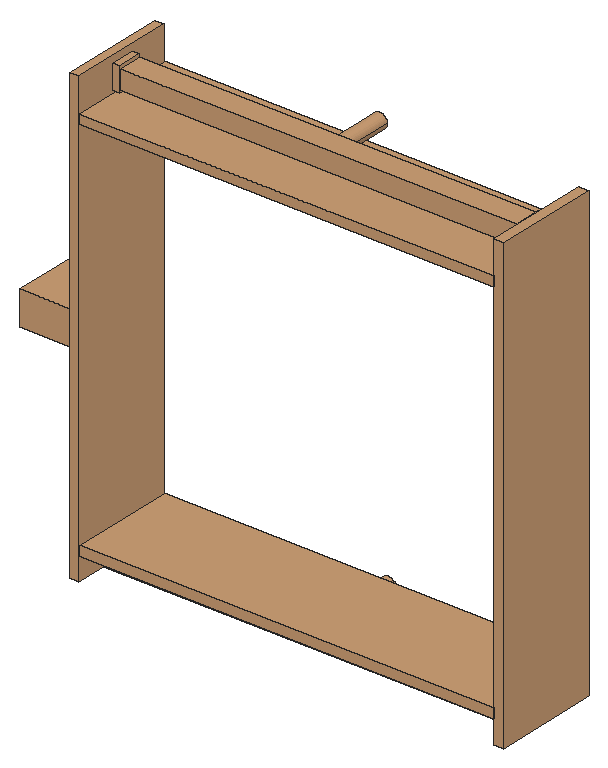
Revit family
Parameters
  Center Of Unit = 0' - 0"  # constant formula
  Water Pressure Drop [instance] = 0.00 psi
  Water Flow [instance] = 0 GPM
  Unit Weight (lbs) = 995
  URL = "http://www.ljwing.com/"
  Water Outlet Radius = 0' - 1 1/2"
  Water Outlet Odd sizes = 0' - 0"
  Total Heating Capacity [instance] = 0.0 Btu/h
  Temperature Rise [instance] = 0 °F
  Series = "VIFB"
  Outlet Area = 46.50 SF
  Number of Rows = 1  # constant formula
  Number of Coils [instance] = 0
  Nominal Length = 7' - 5 3/4"
  Model = "VE-8"
  Manufacturer = "LJ Wing"
  Leaving Water Temperature [instance] = 0 °F
  Leaving Air Temperature [instance] = 0 °F
  Face Velocity (FPM) [instance] = 0
  Entering Water Temperature [instance] = 0 °F
  Entering Air Temperature [instance] = 0 °F
  Description = "Vertical Integral Face & Bypass Water Heating Coils"
  Hot Water Odd Sizes = 0' - 0"
  Hot Water Inlet Offset = 0' - 4 3/8"  # constant formula
  Hot Water Inlet  Radius = 0' - 1 1/2"
  Coil Face Area = Outlet Area * 0.56  # 26.04 SF
  Casing Material = ""
  Assembly Code = "D3020300"
  Air Pressure Drop [instance] = 0.00 in-wg
  Air Inlet Width = Nominal Length - 0' 4"  # 7' - 1 3/4"
  Air Inlet Height = Y  # 6' - 6"
  Air Flow [instance] = 0 CFM
  Z = 0' - 2 1/8"
  Y = 6' - 6"
  S = 0' - 6 13/16"
  Product URL = "http://www.ljwing.com/html/vifb.asp"
  OmniClass = "23-75 70 21 14"
  Nominal Height = 7' - 9 11/16"
  Nominal Depth = 1' - 10"
  R = 0' - 8 7/8"
  Q = 0' - 2 7/8"
  P = 0' - 3 3/4"
  L = 0' - 3"
Reference planes (in)
  plane 1 "Center (Front/Back)": y = 0
  plane 2: z = -39
  plane 3 "Center (Left/Right)": x = 0
  plane 4: z = 47.875
  plane 5: x = -44.875
  plane 6: x = 44.875
  plane 7: z = -45.8125
  plane 8: z = 0
  plane 9: y = -11
  plane 10: y = 11
  plane 11: z = 39
  plane 12: z = 41
  plane 13: z = -41
  plane 14: x = 42.875
  plane 15: x = -42.875
  plane 16: z = 44.125
  plane 17: z = -42.8125
  plane 18: x = -42
  plane 19: x = 42
  plane 20: y = 13.125
  plane 21: y = 15.375
  plane 22: x = -55.875
  plane 23: x = 0
  plane 24: x = 0
  plane 25: z = 46.125
  plane 26: z = 42.125
  plane 27: y = -2.5
  plane 28: y = 2.5
  plane 29: y = -4.5
Forms (in)
  Extrusion 1, solid, material "Painted Finish"
    sketch origin (0, 6, -9.75) x (1, 0, 0) y (0, 0, 1)
      loop
        line (-44.875, -36.0625) -> (-42.875, -36.0625) -> (-42.875, 57.625) -> (-44.875, 57.625) -> (-44.875, -36.0625)
      loop
        line (44.875, -36.0625) -> (44.875, 57.625) -> (42.875, 57.625) -> (42.875, -36.0625) -> (44.875, -36.0625)
    from -5 to 17
  Extrusion 2, solid, material "Painted Finish"
    sketch origin (0, 6, 0) x (1, 0, 0) y (0, 0, 1)
      loop
        line (42.875, -39) -> (-42.875, -39) -> (-42.875, -41) -> (42.875, -41) -> (42.875, -39)
      loop
        line (42.875, 39) -> (42.875, 41) -> (-42.875, 41) -> (-42.875, 39) -> (42.875, 39)
    from -5 to 17
  Extrusion 3, solid, material "Painted Finish"
    sketch origin (0, 10, -0.5) x (1, 0, 0) y (0, 0, 1)
      loop
        line (-44.875, 4) -> (-55.875, 4) -> (-55.875, -3) -> (-44.875, -3) -> (-44.875, 4)
    from 0 to 20
  Extrusion 4, solid, material "Painted Finish"
    sketch origin (0, 6, 0) x (1, 0, 0) y (0, 0, 1)
      loop
        line (-41.25, 46.125) -> (-41.25, 42.125) -> (41.25, 42.125) -> (41.25, 46.125) -> (-41.25, 46.125)
    from 3.5 to 8.5
  Extrusion 5, solid, material "Painted Finish"
    sketch origin (0, 0, 0) x (1, 0, 0) y (0, 0, 1)
      loop
        line (-41.25, 41.625) -> (-41.25, 46.625) -> (-42.875, 46.625) -> (-42.875, 41.625) -> (-41.25, 41.625)
      loop
        line (42.875, 41.625) -> (42.875, 46.625) -> (41.25, 46.625) -> (41.25, 41.625) -> (42.875, 41.625)
    from -2.5 to 2.5
  Extrusion 6, solid, material "Painted Finish"
    sketch origin (0, 23, 0) x (1, 0, 0) y (0, 0, 1)
      loop
        circle (0, 44.125) r 1.5
    from 9.875 to 20.5
  Extrusion 7, solid, material "Painted Finish"
    sketch origin (0, 6, 0) x (1, 0, 0) y (0, 0, 1)
      loop
        line (-42.875, -41) -> (-42.875, -45.8125) -> (42.875, -45.8125) -> (42.875, -41) -> (-42.875, -41)
    from -5 to 10.5
  Extrusion 8, solid, material "Painted Finish"
    sketch origin (0, 23, 0) x (1, 0, 0) y (0, 0, 1)
      loop
        circle (0, -42.8125) r 1.5
    from 7.625 to 12
  Extrusion 9, void
    sketch origin (0, 0, 0) x (1, 0, 0) y (0, 0, 1)
      loop
        line (-42.875, 39) -> (-42.875, -39) -> (42.875, -39) -> (42.875, 39) -> (-42.875, 39)
    from -11 to 11
Cuts and joins
  Extrusion 9 cuts Extrusion 1
  Extrusion 9 cuts Extrusion 2
Dimensions and locks (in)
  "Nominal Length": plane 6 to plane 5
  equal spacing: plane 6, plane 3 "Center (Left/Right)", plane 5
  "S": plane 2 to plane 7
  "Nominal Depth": plane 10 to plane 9
  equal spacing: plane 10, plane 1 "Center (Front/Back)", plane 9
  "Y": plane 11 to plane 2
  "R": plane 4 to plane 11
  locked: plane 12 to plane 11 at 2
  locked: plane 2 to plane 13 at 2
  "P": plane 4 to plane 16
  "L": plane 17 to plane 7
  "Q": plane 18 to plane 5
  "Q": plane 6 to plane 19
  "Z": plane 20 to plane 10
  "Hot Water Inlet Offset": plane 21 to plane 10
  locked: plane 5 to plane 22 at 11
  locked: Extrusion 3 sketch curve to Extrusion 3 sketch curve at 7
  locked: Extrusion 3 to Extrusion 3 at 20
  locked: plane 6 to plane 14 at 2
  locked: plane 15 to plane 5 at 2
  "Water Outlet Odd sizes": plane 23 to plane 3 "Center (Left/Right)"
  "Hot Water Odd Sizes": plane 3 "Center (Left/Right)" to plane 24
  equal spacing: plane 25, plane 16, plane 26
  locked: Extrusion 5 sketch curve to plane 25 at 0.5
  locked: plane 26 to Extrusion 5 sketch curve at 0.5
  locked: Extrusion 6 sketch curve to plane 16 at 0
  locked: Extrusion 6 sketch curve to plane 23 at 0
  locked: Extrusion 8 sketch curve to plane 17 at 0
  locked: Extrusion 8 sketch curve to plane 24 at 0
  locked: plane 25 to plane 26 at 4
  locked: plane 28 to plane 27 at 5
  equal spacing: plane 28, plane 1 "Center (Front/Back)", plane 27
  locked: plane 27 to plane 29 at 2
  plane 4 to plane 7 = 7' - 9 11/16"
  locked: Extrusion 5 sketch curve to Extrusion 1 at 1.625
  locked: Extrusion 5 sketch curve to Extrusion 5 sketch curve at 1.625
  locked: Extrusion 9 sketch curve to plane 11 at 0
  locked: Extrusion 9 sketch curve to plane 15 at 0
  locked: Extrusion 9 sketch curve to plane 14 at 0
  locked: Extrusion 9 sketch curve to plane 2 at 0
  equal spacing: plane 11, plane 8, plane 2
  "Water Outlet Radius": radius of Extrusion 6 sketch curve
  "Hot Water Inlet  Radius": radius of Extrusion 8 sketch curve
  aligned and locked: Extrusion 1 to plane 9
  aligned and locked: Extrusion 1 to plane 10
  aligned and locked: Extrusion 1 to plane 15
  aligned and locked: Extrusion 1 to plane 14
  aligned and locked: Extrusion 2 to plane 9
  aligned and locked: plane 9 to Extrusion 1
  aligned and locked: plane 10 to Extrusion 1  (x2)
  aligned and locked: Extrusion 2 to plane 10
  aligned and locked: plane 10 to Extrusion 2  (x2)
  aligned and locked: plane 9 to Extrusion 2  (x2)
  aligned and locked: plane 5 to Extrusion 3
  aligned and locked: Extrusion 5 sketch curve to plane 15
  aligned and locked: Extrusion 5 sketch curve to Extrusion 4
  aligned and locked: Extrusion 6 to plane 20
  aligned and locked: Extrusion 1 to Extrusion 7
  aligned and locked: Extrusion 8 to plane 10
  aligned and locked: plane 21 to Extrusion 8
  aligned and locked: plane 27 to Extrusion 5
  aligned and locked: Extrusion 5 to Extrusion 4  (x2)
  aligned and locked: Extrusion 5 to plane 28
  aligned and locked: Extrusion 6 to Extrusion 4
  aligned and locked: Extrusion 7 to plane 29  (x2)
  aligned and locked: Extrusion 8 to Extrusion 7
  aligned and locked: Extrusion 4 to Extrusion 5  (x2)
  aligned and locked: Extrusion 5 to Extrusion 1  (x2)
  aligned and locked: plane 2 to Extrusion 2
  aligned and locked: Extrusion 1 sketch curve to plane 6
  aligned and locked: Extrusion 1 sketch curve to plane 14
  aligned and locked: Extrusion 1 sketch curve to plane 15
  aligned and locked: Extrusion 1 sketch curve to plane 5
  aligned and locked: plane 7 to Extrusion 1 sketch curve  (x2)
  aligned and locked: Extrusion 1 sketch curve to plane 4  (x2)
  aligned and locked: Extrusion 2 sketch curve to plane 11
  aligned and locked: Extrusion 2 sketch curve to plane 12
  aligned and locked: Extrusion 2 sketch curve to plane 14
  aligned and locked: Extrusion 2 sketch curve to plane 15
  aligned and locked: Extrusion 2 sketch curve to plane 13
  aligned and locked: plane 2 to Extrusion 2 sketch curve
  aligned and locked: plane 14 to Extrusion 2 sketch curve
  aligned and locked: plane 15 to Extrusion 2 sketch curve
  aligned and locked: plane 13 to Extrusion 7 sketch curve
  aligned and locked: Extrusion 7 sketch curve to plane 7
  aligned and locked: plane 14 to Extrusion 7 sketch curve
  aligned and locked: Extrusion 7 sketch curve to plane 15
  aligned and locked: cut or joined group of Extrusion 1, Extrusion 9 to plane 10
  aligned and locked: Extrusion 8 to plane 21
Automatic sketch dimensions
  Extrusion 3 sketch curve to plane 22 = 0' - 0"
  Extrusion 3 sketch curve to plane 5 = 0' - 0"
  plane 8 to Extrusion 3 sketch curve = 0' - 3 1/2"
  Extrusion 4 sketch curve to plane 25 = 0' - 0"
  Extrusion 4 sketch curve to plane 26 = 0' - 0"
  plane 18 to Extrusion 4 sketch curve = 0' - 0 3/4"
  Extrusion 4 sketch curve to plane 19 = 0' - 0 3/4"
  plane 26 to Extrusion 5 sketch curve = 0' - 0 1/2"
  Extrusion 5 sketch curve to plane 25 = 0' - 0 1/2"
Connectors (in)
  hvac at (0, -11, 0), driven by "Air Inlet Height", driven by "Air Inlet Width", driven by "Air Flow", driven by "Air Pressure Drop"
    settings: on Extrusion 9, index 1
  hvac at (0, 11, 0), driven by "Air Pressure Drop", driven by "Air Inlet Height", driven by "Air Inlet Width", driven by "Air Flow"
    settings: on Extrusion 9, index 2
  piping at (0, 13.125, 44.125), driven by "Water Flow", driven by "Water Outlet Radius", driven by "Water Pressure Drop"
    settings: on Extrusion 6, index 3
  piping at (0, 15.375, -42.8125), driven by "Water Flow", driven by "Water Pressure Drop", driven by "Hot Water Inlet  Radius"
    settings: on Extrusion 8, index 4
